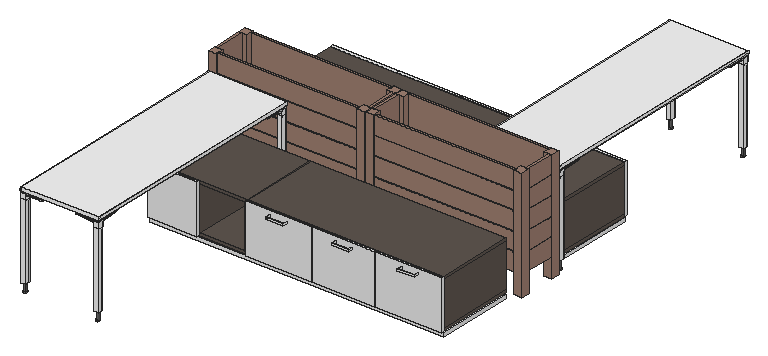
Revit family "T400094", category Furniture, Revit 2015 (continued)
Definition of nested family "OFS INTERMIX REESE LEGS"
  Automatic sketch dimensions
    Extrusion 15 sketch curve to Extrusion 15 sketch curve = 0.19049"
    Extrusion 15 sketch curve to Extrusion 15 sketch curve = 0.07121"
    Extrusion 15 sketch curve to Extrusion 15 sketch curve = 0.06081"
    Extrusion 15 sketch curve to Extrusion 15 sketch curve = 0.04949"
    Extrusion 15 sketch curve to Extrusion 15 sketch curve = 0.00448"
    Extrusion 15 sketch curve to Extrusion 15 sketch curve = 0.14413"
    Extrusion 15 sketch curve to Extrusion 15 sketch curve = 0.04423"
    Extrusion 15 sketch curve to Extrusion 15 sketch curve = 0.10445"
    Extrusion 15 sketch curve to Extrusion 15 sketch curve = 0.11023"
    Extrusion 15 sketch curve to Extrusion 15 sketch curve = 0.13183"
    Extrusion 15 sketch curve to Extrusion 15 sketch curve = 0.125"
    Extrusion 15 sketch curve to Extrusion 15 sketch curve = 0.06763"
    Extrusion 15 sketch curve to Extrusion 15 sketch curve = 0.10168"
    Extrusion 15 sketch curve to Extrusion 15 sketch curve = 0.06323"
    Extrusion 15 sketch curve to Extrusion 15 sketch curve = 0.12153"
    Extrusion 15 sketch curve to Extrusion 15 sketch curve = 0.23289"
    Extrusion 15 sketch curve to Extrusion 15 sketch curve = 0.3631"
    Extrusion 15 sketch curve to Extrusion 15 sketch curve = 0.04442"
    Extrusion 15 sketch curve to Extrusion 15 sketch curve = 0.0772"
    Extrusion 15 sketch curve to Extrusion 15 sketch curve = 0.03327"
    Extrusion 15 sketch curve to Extrusion 15 sketch curve = 0.097"
    Extrusion 15 sketch curve to Extrusion 15 sketch curve = 0.32695"
    Extrusion 15 sketch curve to Extrusion 15 sketch curve = 0.52144"
    Extrusion 15 sketch curve to Extrusion 15 sketch curve = 0.09429"
    Extrusion 15 sketch curve to Extrusion 15 sketch curve = 0.13471"
    Extrusion 15 sketch curve to Extrusion 15 sketch curve = 0.24922"
    Extrusion 15 sketch curve to Extrusion 15 sketch curve = 0.0562"
    Extrusion 15 sketch curve to Extrusion 15 sketch curve = 0.01182"
    Extrusion 15 sketch curve to Extrusion 15 sketch curve = 0.10986"
    Revolve 11 sketch curve to Revolve 11 sketch curve = 28.70365"  (x2)
    Revolve 11 sketch curve to Revolve 11 sketch curve = 0.08274"
    Revolve 11 sketch curve to Revolve 11 sketch curve = 1.111"
    Extrusion 12 sketch curve to Extrusion 12 sketch curve = 1.11815"
    Extrusion 12 sketch curve to Extrusion 12 sketch curve = 0.14957"
    Extrusion 14 sketch curve to Extrusion 14 sketch curve = 0.99191"
    Extrusion 14 sketch curve to Extrusion 14 sketch curve = 0.07328"
    Extrusion 14 sketch curve to Extrusion 14 sketch curve = 0.34539"
    Extrusion 14 sketch curve to Extrusion 14 sketch curve = 0.12665"
    Extrusion 15 sketch curve to Extrusion 15 sketch curve = 0.76764"
    Extrusion 15 sketch curve to Extrusion 15 sketch curve = 0.28574"
    Extrusion 15 sketch curve to Extrusion 15 sketch curve = 0.07328"
    Extrusion 15 sketch curve to Extrusion 15 sketch curve = 0.18838"
    Extrusion 15 sketch curve to Extrusion 15 sketch curve = 0.18354"
    Extrusion 1 sketch curve to plane 4 = 0.00"
    plane 1 "Back" to Extrusion 1 sketch curve = 0.00"
    Extrusion 1 sketch curve to plane 7 = 0.00"
    Extrusion 1 sketch curve to plane 6 = 0.00"
    plane 4 to Extrusion 1 sketch curve = 0.0625"  (x2)
    Extrusion 1 sketch curve to Extrusion 1 sketch curve = 0.95625"  (x2)
    plane 1 "Back" to Extrusion 1 sketch curve = 0.03661"
    Extrusion 1 sketch curve to Extrusion 1 sketch curve = 0.08839"
    plane 6 to Extrusion 1 sketch curve = 0.125"
    plane 6 to Extrusion 1 sketch curve = 0.0625"
    plane 6 to Extrusion 1 sketch curve = 0.03661"
    Blend 4 sketch curve to plane 4 = 0.00"  (x2)
    Blend 4 sketch curve to plane 10 = 0.00"  (x2)
    plane 4 to Blend 4 sketch curve = 0.03125"
    Blend 4 sketch curve to plane 10 = 0.0625"
    Blend 4 sketch curve to Blend 4 sketch curve = 0.95625"
    Blend 4 sketch curve to Blend 4 sketch curve = 0.03125"
    Blend 4 sketch curve to plane 9 = 0.00"
    plane 9 to Blend 4 sketch curve = 0.03167"
    plane 4 to Blend 4 sketch curve = 0.47813"
    plane 9 to Blend 4 sketch curve = 0.0625"  (x2)
    Blend 4 sketch curve to Blend 4 sketch curve = 0.99908"
    Blend 5 sketch curve to plane 7 = 0.00"  (x2)
    Blend 5 sketch curve to plane 10 = 0.00"  (x2)
    plane 7 to Blend 5 sketch curve = 0.03125"
    Blend 5 sketch curve to plane 10 = 0.0625"
    Blend 5 sketch curve to Blend 5 sketch curve = 0.95625"
    Blend 5 sketch curve to Blend 5 sketch curve = 0.03125"
    Blend 5 sketch curve to plane 9 = 0.00"
    plane 9 to Blend 5 sketch curve = 0.03167"
    plane 7 to Blend 5 sketch curve = 0.47813"
    Blend 5 sketch curve to Blend 5 sketch curve = 0.05437"
    plane 9 to Blend 5 sketch curve = 0.0625"
    Blend 5 sketch curve to Blend 5 sketch curve = 0.99908"
    Extrusion 6 sketch curve to plane 4 = 0.00"
    Extrusion 6 sketch curve to plane 7 = 0.00"
    plane 4 to Extrusion 6 sketch curve = 0.0625"
    Extrusion 6 sketch curve to Extrusion 6 sketch curve = 0.0625"
    Extrusion 6 sketch curve to Extrusion 6 sketch curve = 1.4375"  (x2)
    plane 7 to Extrusion 6 sketch curve = 0.0625"
    Extrusion 6 sketch curve to Extrusion 6 sketch curve = 0.00"
    Revolve 16 sketch curve to level = 0.00"
    Revolve 16 sketch curve to plane 12 = 0.00"  (x2)
    level to Revolve 16 sketch curve = 0.2225"
    plane 4 to Revolve 16 sketch curve = 0.3625"
    Revolve 16 sketch curve to Revolve 16 sketch curve = 0.09375"
    Revolve 16 sketch curve to Revolve 16 sketch curve = 0.325"
    Revolve 16 sketch curve to Revolve 16 sketch curve = 0.2225"
    Revolve 16 sketch curve to Revolve 16 sketch curve = 0.00"
    plane 12 to Revolve 16 sketch curve = 0.25"
    plane 4 to Extrusion 2 sketch curve = 0.0625"
    plane 7 to Extrusion 2 sketch curve = 0.0625"
    Extrusion 2 sketch curve to Extrusion 2 sketch curve = 0.0625"  (x3)
    plane 7 to Extrusion 2 sketch curve = 0.125"
    Extrusion 2 sketch curve to Extrusion 2 sketch curve = 1.3125"  (x2)
    radius of Extrusion 8 sketch curve = 0.25"
    radius of Extrusion 13 sketch curve = 0.25"
Definition of nested family "INTERMIX PLANTER BOX"
  Parameters (values of type "INTERMIX PLANTER BOX 120in Width")
    Width = 120.00"
    URL = "http://ofsbrands.com"
    Planter Box Material = none
    Model = "CC-W12034PB"
    Manufacturer = "FIRST OFFICE"
    M = 18.375"
    Height = 34.00"
    Description = "OFS BRANDS FIRST OFFICE INTERMIX PLANTER BOX 120\" Width"
    Depth = 14.00"
    Copyright © = "© OFS BRANDS 2018"
    Catalog = "http://firstoffice.com/products/tables/conference-tables/intermix"
    Authoring Version = "Autodesk Revit Architecture 2013"
    Assembly Code = "E2020200"
    3 = yes
    1 = no
  Types (4): name | Width | Model | M | Description | 3 | 1
    (no name) | 120.00" | "CC-W12034PB" | 18.375" | "OFS BRANDS FIRST OFFICE INTERMIX PLANTER BOX 120\" Width" | yes | no
    INTERMIX PLANTER BOX 120in Width | 120.00" | "CC-W12034PB" | 18.375" | "OFS BRANDS FIRST OFFICE INTERMIX PLANTER BOX 120\" Width" | yes | no
    INTERMIX PLANTER BOX 144in Width | 144.00" | "CC-W14434PB" | 22.375" | "OFS BRANDS FIRST OFFICE INTERMIX PLANTER BOX 144\" Width" | yes | no
    INTERMIX PLANTER BOX 48in Width | 48.00" | "CC-W4834PB" | 5.75" | "OFS BRANDS FIRST OFFICE INTERMIX PLANTER BOX 48\" Width" | no | yes
  Reference planes (in)
    plane 1 "Center Front/Back": y = 0
    plane 2: z = 0
    plane 3 "Center Left/Right": x = 0
    plane 4 "Left End": x = -60
    plane 5 "Front End": y = -7
    plane 6 "Right End": x = 60
    plane 7 "Back End": y = 7
    plane 8 "Height Top": z = 34
    plane 9: x = -57.5
    plane 10: y = 4.5
    plane 11: y = -4.5
    plane 12: x = 57.5
    plane 13: y = -6.75
    plane 14: y = -6
    plane 15: y = 6.75
    plane 16: y = 6
    plane 17: x = -59.75
    plane 18: x = -59
    plane 19: x = 59.75
    plane 20: x = 59
    plane 21: z = 6
    plane 22: x = -20.875
    plane 23: x = -18.375
    plane 24: x = 20.875
    plane 25: x = 18.375
  Forms (in)
    Extrusion 1, solid, material <- "Planter Box Material"
      sketch origin (0, 0, 0) x (1, 0, 0) y (0, 1, 0)
        loop
          line (-60, 7) -> (-60, 4.5) -> (-57.5, 4.5) -> (-57.5, 7) -> (-60, 7)
      from 0 to 34
    Extrusion 2, solid, material <- "Planter Box Material"
      sketch origin (0, 0, 0) x (1, 0, 0) y (0, 1, 0)
        loop
          line (-60, -7) -> (-57.5, -7) -> (-57.5, -4.5) -> (-60, -4.5) -> (-60, -7)
      from 0 to 34
    Extrusion 3, solid, material <- "Planter Box Material"
      sketch origin (0, 0, 0) x (-1, 0, 0) y (0, -1, 0)
        loop
          line (-60, 7) -> (-60, 4.5) -> (-57.5, 4.5) -> (-57.5, 7) -> (-60, 7)
      from 0 to 34
    Extrusion 4, solid, material <- "Planter Box Material"
      sketch origin (0, 0, 0) x (-1, 0, 0) y (0, -1, 0)
        loop
          line (-60, -7) -> (-57.5, -7) -> (-57.5, -4.5) -> (-60, -4.5) -> (-60, -7)
      from 0 to 34
    Extrusion 5, solid, material <- "Planter Box Material"
      sketch origin (0, 0, 0) x (1, 0, 0) y (0, 0, 1)
        loop
          line (-59, 34) -> (-59.75, 34) -> (-59.75, 28.6) -> (-59.5, 28.6) -> (-59.5, 28.35) -> (-59.75, 28.35) -> (-59.75, 22.95) -> (-59.5, 22.95) -> (-59.5, 22.7) -> (-59.75, 22.7) -> (-59.75, 17.3) -> (-59.5, 17.3) -> (-59.5, 17.05) -> (-59.75, 17.05) -> (-59.75, 11.65) -> (-59.5, 11.65) -> (-59.5, 11.4) -> (-59.75, 11.4) -> (-59.75, 6) -> (-59, 6) -> (-59, 34)
      from -4.5 to 4.5
    Extrusion 6, solid, material <- "Planter Box Material", visible <- "1"
      sketch origin (-17, 17, 0) x (0, 1, 0) y (0, 0, -1)
        loop
          line (-23, -34) -> (-23, -6) -> (-23.75, -6) -> (-23.75, -11.4) -> (-23.5, -11.4) -> (-23.5, -11.65) -> (-23.75, -11.65) -> (-23.75, -17.05) -> (-23.5, -17.05) -> (-23.5, -17.3) -> (-23.75, -17.3) -> (-23.75, -22.7) -> (-23.5, -22.7) -> (-23.5, -22.95) -> (-23.75, -22.95) -> (-23.75, -28.35) -> (-23.5, -28.35) -> (-23.5, -28.6) -> (-23.75, -28.6) -> (-23.75, -34) -> (-23, -34)
      from -74.5 to 40.5
    Extrusion 7, solid, material <- "Planter Box Material", visible <- "1"
      sketch origin (-17, -17, 0) x (0, -1, 0) y (0, 0, 1)
        loop
          line (-23, 34) -> (-23.75, 34) -> (-23.75, 28.6) -> (-23.5, 28.6) -> (-23.5, 28.35) -> (-23.75, 28.35) -> (-23.75, 22.95) -> (-23.5, 22.95) -> (-23.5, 22.7) -> (-23.75, 22.7) -> (-23.75, 17.3) -> (-23.5, 17.3) -> (-23.5, 17.05) -> (-23.75, 17.05) -> (-23.75, 11.65) -> (-23.5, 11.65) -> (-23.5, 11.4) -> (-23.75, 11.4) -> (-23.75, 6) -> (-23, 6) -> (-23, 34)
      from -74.5 to 40.5
    Extrusion 8, solid, material <- "Planter Box Material"
      sketch origin (0, 0, 0) x (-1, 0, 0) y (0, 0, -1)
        loop
          line (-59, -34) -> (-59, -6) -> (-59.75, -6) -> (-59.75, -11.4) -> (-59.5, -11.4) -> (-59.5, -11.65) -> (-59.75, -11.65) -> (-59.75, -17.05) -> (-59.5, -17.05) -> (-59.5, -17.3) -> (-59.75, -17.3) -> (-59.75, -22.7) -> (-59.5, -22.7) -> (-59.5, -22.95) -> (-59.75, -22.95) -> (-59.75, -28.35) -> (-59.5, -28.35) -> (-59.5, -28.6) -> (-59.75, -28.6) -> (-59.75, -34) -> (-59, -34)
      from -4.5 to 4.5
    Extrusion 9, solid, material <- "Planter Box Material"
      sketch origin (0, 0, 0) x (1, 0, 0) y (0, 1, 0)
        loop
          line (-59, 6) -> (-59, -6) -> (59, -6) -> (59, 6) -> (-59, 6)
      from 7.25 to 8
    Extrusion 10, solid, material <- "Planter Box Material"
      sketch origin (0, 0, 16) x (1, 0, 0) y (0, 1, 0)
        loop
          line (-59, 6) -> (-59, -6) -> (59, -6) -> (59, 6) -> (-59, 6)
      from 6.75 to 7.5
    Extrusion 11, solid, material <- "Planter Box Material", visible <- "3"
      sketch origin (-17, 17, 0) x (0, 1, 0) y (0, 0, -1)
        loop
          line (-23, -34) -> (-23, -6) -> (-23.75, -6) -> (-23.75, -11.4) -> (-23.5, -11.4) -> (-23.5, -11.65) -> (-23.75, -11.65) -> (-23.75, -17.05) -> (-23.5, -17.05) -> (-23.5, -17.3) -> (-23.75, -17.3) -> (-23.75, -22.7) -> (-23.5, -22.7) -> (-23.5, -22.95) -> (-23.75, -22.95) -> (-23.75, -28.35) -> (-23.5, -28.35) -> (-23.5, -28.6) -> (-23.75, -28.6) -> (-23.75, -34) -> (-23, -34)
      from -35.375 to 1.375
    Extrusion 12, solid, material <- "Planter Box Material", visible <- "3"
      sketch origin (-17, -17, 0) x (0, -1, 0) y (0, 0, 1)
        loop
          line (-23, 34) -> (-23.75, 34) -> (-23.75, 28.6) -> (-23.5, 28.6) -> (-23.5, 28.35) -> (-23.75, 28.35) -> (-23.75, 22.95) -> (-23.5, 22.95) -> (-23.5, 22.7) -> (-23.75, 22.7) -> (-23.75, 17.3) -> (-23.5, 17.3) -> (-23.5, 17.05) -> (-23.75, 17.05) -> (-23.75, 11.65) -> (-23.5, 11.65) -> (-23.5, 11.4) -> (-23.75, 11.4) -> (-23.75, 6) -> (-23, 6) -> (-23, 34)
      from -35.375 to 1.375
    Extrusion 13, solid, material <- "Planter Box Material", visible <- "3"
      sketch origin (63.75, 0, 0) x (1, 0, 0) y (0, 1, 0)
        loop
          line (-84.625, 7) -> (-84.625, 4.5) -> (-82.125, 4.5) -> (-82.125, 7) -> (-84.625, 7)
      from 0 to 34
    Extrusion 14, solid, material <- "Planter Box Material", visible <- "3"
      sketch origin (-63.75, 0, 0) x (-1, 0, 0) y (0, -1, 0)
        loop
          line (-84.625, -7) -> (-82.125, -7) -> (-82.125, -4.5) -> (-84.625, -4.5) -> (-84.625, -7)
      from 0 to 34
    Extrusion 15, solid, material <- "Planter Box Material", visible <- "3"
      sketch origin (-63.75, 0, 0) x (-1, 0, 0) y (0, -1, 0)
        loop
          line (-84.625, 7) -> (-84.625, 4.5) -> (-82.125, 4.5) -> (-82.125, 7) -> (-84.625, 7)
      from 0 to 34
    Extrusion 16, solid, material <- "Planter Box Material", visible <- "3"
      sketch origin (63.75, 0, 0) x (1, 0, 0) y (0, 1, 0)
        loop
          line (-84.625, -7) -> (-82.125, -7) -> (-82.125, -4.5) -> (-84.625, -4.5) -> (-84.625, -7)
      from 0 to 34
    Extrusion 17, solid, material <- "Planter Box Material", visible <- "3"
      sketch origin (-22.25, 17, 0) x (0, 1, 0) y (0, 0, 1)
        loop
          line (-23, 34) -> (-23.75, 34) -> (-23.75, 28.6) -> (-23.5, 28.6) -> (-23.5, 28.35) -> (-23.75, 28.35) -> (-23.75, 22.95) -> (-23.5, 22.95) -> (-23.5, 22.7) -> (-23.75, 22.7) -> (-23.75, 17.3) -> (-23.5, 17.3) -> (-23.5, 17.05) -> (-23.75, 17.05) -> (-23.75, 11.65) -> (-23.5, 11.65) -> (-23.5, 11.4) -> (-23.75, 11.4) -> (-23.75, 6) -> (-23, 6) -> (-23, 34)
      from -35.25 to 1.375
    Extrusion 18, solid, material <- "Planter Box Material", visible <- "3"
      sketch origin (-22.25, -17, 0) x (0, -1, 0) y (0, 0, -1)
        loop
          line (-23, -34) -> (-23, -6) -> (-23.75, -6) -> (-23.75, -11.4) -> (-23.5, -11.4) -> (-23.5, -11.65) -> (-23.75, -11.65) -> (-23.75, -17.05) -> (-23.5, -17.05) -> (-23.5, -17.3) -> (-23.75, -17.3) -> (-23.75, -22.7) -> (-23.5, -22.7) -> (-23.5, -22.95) -> (-23.75, -22.95) -> (-23.75, -28.35) -> (-23.5, -28.35) -> (-23.5, -28.6) -> (-23.75, -28.6) -> (-23.75, -34) -> (-23, -34)
      from -35.25 to 1.375
    Extrusion 19, solid, material <- "Planter Box Material", visible <- "3"
      sketch origin (22.25, 17, 0) x (0, 1, 0) y (0, 0, -1)
        loop
          line (-23, -34) -> (-23, -6) -> (-23.75, -6) -> (-23.75, -11.4) -> (-23.5, -11.4) -> (-23.5, -11.65) -> (-23.75, -11.65) -> (-23.75, -17.05) -> (-23.5, -17.05) -> (-23.5, -17.3) -> (-23.75, -17.3) -> (-23.75, -22.7) -> (-23.5, -22.7) -> (-23.5, -22.95) -> (-23.75, -22.95) -> (-23.75, -28.35) -> (-23.5, -28.35) -> (-23.5, -28.6) -> (-23.75, -28.6) -> (-23.75, -34) -> (-23, -34)
      from -35.25 to 1.375
    Extrusion 20, solid, material <- "Planter Box Material", visible <- "3"
      sketch origin (22.25, -17, 0) x (0, -1, 0) y (0, 0, 1)
        loop
          line (-23, 34) -> (-23.75, 34) -> (-23.75, 28.6) -> (-23.5, 28.6) -> (-23.5, 28.35) -> (-23.75, 28.35) -> (-23.75, 22.95) -> (-23.5, 22.95) -> (-23.5, 22.7) -> (-23.75, 22.7) -> (-23.75, 17.3) -> (-23.5, 17.3) -> (-23.5, 17.05) -> (-23.75, 17.05) -> (-23.75, 11.65) -> (-23.5, 11.65) -> (-23.5, 11.4) -> (-23.75, 11.4) -> (-23.75, 6) -> (-23, 6) -> (-23, 34)
      from -35.25 to 1.375
  Dimensions and locks (in)
    equal spacing: plane 5 "Front End", plane 1 "Center Front/Back", plane 7 "Back End"
    equal spacing: plane 4 "Left End", plane 3 "Center Left/Right", plane 6 "Right End"
    "Width": plane 4 "Left End" to plane 6 "Right End"
    "Depth": plane 5 "Front End" to plane 7 "Back End"
    "Height": plane 8 "Height Top" to level
    locked: plane 4 "Left End" to plane 9 at 2.5
    locked: plane 10 to plane 7 "Back End" at 2.5
    locked: plane 11 to plane 5 "Front End" at 2.5
    locked: plane 6 "Right End" to plane 12 at 2.5
    locked: plane 13 to plane 5 "Front End" at 0.25
    locked: plane 14 to plane 13 at 0.75
    locked: plane 16 to plane 15 at 0.75
    locked: plane 15 to plane 7 "Back End" at 0.25
    locked: plane 4 "Left End" to plane 17 at 0.25
    locked: plane 17 to plane 18 at 0.75
    locked: plane 6 "Right End" to plane 19 at 0.25
    locked: plane 19 to plane 20 at 0.75
    plane 21 to level = 6.00"
    locked: plane 22 to plane 23 at 2.5
    "M": plane 23 to plane 3 "Center Left/Right"
    locked: plane 24 to plane 25 at 2.5
    "M": plane 25 to plane 3 "Center Left/Right"
    aligned and locked: level to plane 2
    aligned and locked: plane 7 "Back End" to Extrusion 1 sketch curve
    aligned and locked: Extrusion 1 sketch curve to plane 9
    aligned and locked: plane 4 "Left End" to Extrusion 1 sketch curve
    aligned and locked: Extrusion 1 sketch curve to plane 10
    aligned and locked: plane 11 to Extrusion 2
    aligned and locked: plane 9 to Extrusion 2
    aligned and locked: Extrusion 2 to plane 4 "Left End"
    aligned and locked: Extrusion 2 to plane 5 "Front End"
    aligned and locked: Extrusion 3 to plane 6 "Right End"
    aligned and locked: Extrusion 4 to plane 6 "Right End"
    aligned and locked: plane 12 to Extrusion 4
    aligned and locked: plane 12 to Extrusion 3
    aligned and locked: Extrusion 3 to plane 5 "Front End"
    aligned and locked: plane 11 to Extrusion 3  (x2)
    aligned and locked: plane 10 to Extrusion 4
    aligned and locked: Extrusion 4 to plane 7 "Back End"
    aligned and locked: Extrusion 5 sketch curve to plane 18
    aligned and locked: Extrusion 5 sketch curve to plane 17
    aligned and locked: plane 21 to Extrusion 5 sketch curve
    aligned and locked: Extrusion 5 sketch curve to plane 8 "Height Top"
    aligned and locked: Extrusion 6 to plane 13
    aligned and locked: plane 14 to Extrusion 6
    aligned and locked: plane 8 "Height Top" to Extrusion 2
    aligned and locked: plane 8 "Height Top" to Extrusion 1
    aligned and locked: Extrusion 3 to plane 8 "Height Top"
    aligned and locked: Extrusion 4 to plane 8 "Height Top"
    aligned and locked: Extrusion 6 to plane 9
    aligned and locked: Extrusion 5 to plane 11
    aligned and locked: Extrusion 5 to plane 10
    aligned and locked: Extrusion 6 to plane 12
    aligned and locked: Extrusion 7 to plane 9
    aligned and locked: Extrusion 7 to plane 12
    aligned and locked: plane 14 to Extrusion 9 sketch curve
    aligned and locked: plane 16 to Extrusion 9 sketch curve
    aligned and locked: plane 20 to Extrusion 9 sketch curve
    aligned and locked: plane 18 to Extrusion 9 sketch curve
    aligned and locked: Extrusion 10 to plane 14
    aligned and locked: Extrusion 10 to plane 16
    aligned and locked: Extrusion 10 to plane 20
    aligned and locked: Extrusion 10 to plane 18
    aligned and locked: plane 10 to Extrusion 13
    aligned and locked: plane 10 to Extrusion 14
    aligned and locked: Extrusion 13 to plane 7 "Back End"
    aligned and locked: Extrusion 14 to plane 7 "Back End"
    aligned and locked: Extrusion 16 to plane 5 "Front End"
    aligned and locked: Extrusion 15 to plane 5 "Front End"
    aligned and locked: Extrusion 15 to plane 24
    aligned and locked: Extrusion 14 to plane 24
    aligned and locked: Extrusion 14 to plane 25
    aligned and locked: Extrusion 15 to plane 25
    aligned and locked: Extrusion 16 to plane 23
    aligned and locked: Extrusion 13 to plane 23
    aligned and locked: Extrusion 13 to plane 22
    aligned and locked: Extrusion 16 to plane 22
    aligned and locked: plane 23 to Extrusion 11
    aligned and locked: plane 25 to Extrusion 11
    aligned and locked: plane 25 to Extrusion 12
    aligned and locked: plane 23 to Extrusion 12
    aligned and locked: Extrusion 17 to plane 9
    aligned and locked: Extrusion 18 to plane 9
    aligned and locked: plane 22 to Extrusion 18
    aligned and locked: plane 22 to Extrusion 17
    aligned and locked: plane 24 to Extrusion 19
    aligned and locked: plane 24 to Extrusion 20
    aligned and locked: Extrusion 20 to plane 12
    aligned and locked: Extrusion 19 to plane 12
  Automatic sketch dimensions
    Extrusion 2 sketch curve to plane 4 "Left End" = 0.00"
    Extrusion 2 sketch curve to plane 9 = 0.00"
    Extrusion 2 sketch curve to plane 11 = 0.00"
    Extrusion 2 sketch curve to plane 5 "Front End" = 0.00"
    Extrusion 3 sketch curve to plane 6 "Right End" = 0.00"
    Extrusion 3 sketch curve to plane 11 = 0.00"
    Extrusion 3 sketch curve to plane 12 = 0.00"
    Extrusion 3 sketch curve to plane 5 "Front End" = 0.00"
    Extrusion 4 sketch curve to plane 6 "Right End" = 0.00"
    plane 10 to Extrusion 4 sketch curve = 0.00"
    Extrusion 4 sketch curve to plane 12 = 0.00"
    plane 7 "Back End" to Extrusion 4 sketch curve = 0.00"
    Extrusion 5 sketch curve to plane 17 = 0.00"  (x4)
    plane 17 to Extrusion 5 sketch curve = 0.25"  (x4)
    Extrusion 5 sketch curve to plane 21 = 5.40"
    Extrusion 5 sketch curve to Extrusion 5 sketch curve = 0.25"  (x4)
    Extrusion 5 sketch curve to Extrusion 5 sketch curve = 5.40"  (x3)
    Extrusion 6 sketch curve to plane 13 = 0.00"  (x5)
    Extrusion 6 sketch curve to plane 8 "Height Top" = 0.00"
    Extrusion 6 sketch curve to plane 14 = 0.00"
    plane 21 to Extrusion 6 sketch curve = 0.00"
    plane 13 to Extrusion 6 sketch curve = 0.25"  (x4)
    Extrusion 6 sketch curve to plane 8 "Height Top" = 5.40"
    Extrusion 6 sketch curve to Extrusion 6 sketch curve = 0.25"  (x4)
    Extrusion 6 sketch curve to Extrusion 6 sketch curve = 5.40"  (x3)
    Extrusion 7 sketch curve to plane 15 = 0.00"  (x5)
    Extrusion 7 sketch curve to plane 8 "Height Top" = 0.00"
    Extrusion 7 sketch curve to plane 16 = 0.00"
    plane 21 to Extrusion 7 sketch curve = 0.00"
    plane 15 to Extrusion 7 sketch curve = 0.25"  (x4)
    Extrusion 7 sketch curve to plane 21 = 5.40"
    Extrusion 7 sketch curve to Extrusion 7 sketch curve = 0.25"  (x4)
    Extrusion 7 sketch curve to Extrusion 7 sketch curve = 5.40"  (x3)
    plane 19 to Extrusion 8 sketch curve = 0.00"  (x5)
    Extrusion 8 sketch curve to plane 8 "Height Top" = 0.00"
    plane 20 to Extrusion 8 sketch curve = 0.00"
    Extrusion 8 sketch curve to plane 21 = 0.00"
    Extrusion 8 sketch curve to plane 19 = 0.25"  (x4)
    plane 21 to Extrusion 8 sketch curve = 5.40"
    Extrusion 8 sketch curve to Extrusion 8 sketch curve = 0.25"  (x4)
    Extrusion 8 sketch curve to Extrusion 8 sketch curve = 5.40"  (x3)
    Extrusion 10 sketch curve to plane 14 = 0.00"
    Extrusion 10 sketch curve to plane 18 = 0.00"
    Extrusion 10 sketch curve to plane 20 = 0.00"
    plane 16 to Extrusion 10 sketch curve = 0.00"
    Extrusion 11 sketch curve to plane 13 = 0.00"  (x5)
    Extrusion 11 sketch curve to plane 8 "Height Top" = 0.00"
    Extrusion 11 sketch curve to plane 14 = 0.00"
    plane 21 to Extrusion 11 sketch curve = 0.00"
    plane 13 to Extrusion 11 sketch curve = 0.25"  (x4)
    Extrusion 11 sketch curve to plane 8 "Height Top" = 5.40"
    Extrusion 11 sketch curve to Extrusion 11 sketch curve = 0.25"  (x4)
    Extrusion 11 sketch curve to Extrusion 11 sketch curve = 5.40"  (x3)
    Extrusion 12 sketch curve to plane 15 = 0.00"  (x5)
    Extrusion 12 sketch curve to plane 8 "Height Top" = 0.00"
    Extrusion 12 sketch curve to plane 16 = 0.00"
    plane 21 to Extrusion 12 sketch curve = 0.00"
    plane 15 to Extrusion 12 sketch curve = 0.25"  (x4)
    Extrusion 12 sketch curve to plane 21 = 5.40"
    Extrusion 12 sketch curve to Extrusion 12 sketch curve = 0.25"  (x4)
    Extrusion 12 sketch curve to Extrusion 12 sketch curve = 5.40"  (x3)
    plane 10 to Extrusion 13 sketch curve = 0.00"
    Extrusion 13 sketch curve to plane 22 = 0.00"
    Extrusion 13 sketch curve to plane 23 = 0.00"
    plane 7 "Back End" to Extrusion 13 sketch curve = 0.00"
    plane 10 to Extrusion 14 sketch curve = 0.00"
    Extrusion 14 sketch curve to plane 24 = 0.00"
    Extrusion 14 sketch curve to plane 25 = 0.00"
    plane 7 "Back End" to Extrusion 14 sketch curve = 0.00"
    Extrusion 15 sketch curve to plane 11 = 0.00"
    Extrusion 15 sketch curve to plane 24 = 0.00"
    Extrusion 15 sketch curve to plane 25 = 0.00"
    Extrusion 15 sketch curve to plane 5 "Front End" = 0.00"
    Extrusion 16 sketch curve to plane 11 = 0.00"
    Extrusion 16 sketch curve to plane 22 = 0.00"
    Extrusion 16 sketch curve to plane 23 = 0.00"
    Extrusion 16 sketch curve to plane 5 "Front End" = 0.00"
    Extrusion 17 sketch curve to plane 13 = 0.00"  (x5)
    Extrusion 17 sketch curve to plane 8 "Height Top" = 0.00"
    Extrusion 17 sketch curve to plane 14 = 0.00"
    plane 21 to Extrusion 17 sketch curve = 0.00"
    plane 13 to Extrusion 17 sketch curve = 0.25"  (x4)
    Extrusion 17 sketch curve to plane 21 = 5.40"
    Extrusion 17 sketch curve to Extrusion 17 sketch curve = 0.25"  (x4)
    Extrusion 17 sketch curve to Extrusion 17 sketch curve = 5.40"  (x3)
    Extrusion 18 sketch curve to plane 15 = 0.00"  (x5)
    Extrusion 18 sketch curve to plane 8 "Height Top" = 0.00"
    Extrusion 18 sketch curve to plane 16 = 0.00"
    plane 21 to Extrusion 18 sketch curve = 0.00"
    plane 15 to Extrusion 18 sketch curve = 0.25"  (x4)
    Extrusion 18 sketch curve to plane 8 "Height Top" = 5.40"
    Extrusion 18 sketch curve to Extrusion 18 sketch curve = 0.25"  (x4)
    Extrusion 18 sketch curve to Extrusion 18 sketch curve = 5.40"  (x3)
    Extrusion 19 sketch curve to plane 13 = 0.00"  (x5)
    Extrusion 19 sketch curve to plane 8 "Height Top" = 0.00"
    Extrusion 19 sketch curve to plane 14 = 0.00"
    plane 21 to Extrusion 19 sketch curve = 0.00"
    plane 13 to Extrusion 19 sketch curve = 0.25"  (x4)
    Extrusion 19 sketch curve to plane 8 "Height Top" = 5.40"
    Extrusion 19 sketch curve to Extrusion 19 sketch curve = 0.25"  (x4)
    Extrusion 19 sketch curve to Extrusion 19 sketch curve = 5.40"  (x3)
    Extrusion 20 sketch curve to plane 15 = 0.00"  (x5)
    Extrusion 20 sketch curve to plane 8 "Height Top" = 0.00"
    Extrusion 20 sketch curve to plane 16 = 0.00"
    plane 21 to Extrusion 20 sketch curve = 0.00"
    plane 15 to Extrusion 20 sketch curve = 0.25"  (x4)
    Extrusion 20 sketch curve to plane 21 = 5.40"
    Extrusion 20 sketch curve to Extrusion 20 sketch curve = 0.25"  (x4)
    Extrusion 20 sketch curve to Extrusion 20 sketch curve = 5.40"  (x3)
Definition of nested family "OFS INTERMIX TFL Floor Storage w Sliding Doors 30-36W 15H"
  Parameters (values of type "TFL Floor Storage w Sliding Door 36")
    Keynote = ""
    Height From Floor = 2.25"
    URL = "https://ofs.com/"
    Copyright © = "©OFS 2021"
    Chassis Material = none
    Model = "CC-M3615FS3-25"
    Manufacturer = "OFS"
    Description = "OFS INTEMIX TFL Floor Storage w Sliding Door 36"
    Door Material = none
    Width = 36.00"
    Height = 15.00"
    Catalog = "https://ofs.com/products/casegoods/lockers/intermix-storage"
    Authoring Version = "Autodesk Revit Architecture 2015"
    Assembly Code = "E2020200"
  Types (2): name | Model | Description | Width
    TFL Floor Storage w Sliding Door 30 | "CC-M3015FS3-25" | "OFS INTEMIX TFL Floor Storage w Sliding Door 30" | 30.00"
    TFL Floor Storage w Sliding Door 36 | "CC-M3615FS3-25" | "OFS INTEMIX TFL Floor Storage w Sliding Door 36" | 36.00"
  Reference planes (in)
    plane 1 "BACK": y = 0
    plane 2: z = 0
    plane 3 "Center Left/Right": x = 0
    plane 4 "LEFT": x = -18
    plane 5 "RIGHT": x = 18
    plane 6: z = 2.25
    plane 7: z = 17.25
    plane 8: y = -0.5
    plane 9: z = 3
    plane 10: z = 16.5
    plane 11: x = -17.25
    plane 12: x = 17.25
    plane 13: y = -24.75
    plane 14: x = -5.75
    plane 15: x = 5.75
    plane 16: x = -5.375
    plane 17: x = -6.125
    plane 18: x = 5.375
    plane 19: x = 6.125
    plane 20: y = -24
    plane 21: x = 0.375
    plane 22: x = -0.375
  Forms (in)
    Extrusion 1, solid, material <- "Chassis Material"
      sketch origin (0, 0, 8.955) x (1, 0, 0) y (0, 0, 1)
        loop
          line (-18, -5.955) -> (-18, -6.705) -> (18, -6.705) -> (18, -5.955) -> (-18, -5.955)
      from 0 to 24
    Extrusion 2, solid, material <- "Chassis Material"
      sketch origin (0, 0, 15.08) x (1, 0, 0) y (0, 0, 1)
        loop
          line (-18, 2.17) -> (-18, 1.42) -> (18, 1.42) -> (18, 2.17) -> (-18, 2.17)
      from 0 to 24
    Extrusion 3, solid, material <- "Chassis Material"
      sketch origin (-18, 0, 20.705) x (0, 1, 0) y (0, 0, 1)
        loop
          line (0, -4.205) -> (-24, -4.205) -> (-24, -17.705) -> (0, -17.705) -> (0, -4.205)
      from 0 to 0.75
    Extrusion 4, solid, material <- "Chassis Material"
      sketch origin (24, 0, 20.705) x (0, 1, 0) y (0, 0, -1)
        loop
          line (0, 4.205) -> (0, 17.705) -> (-24, 17.705) -> (-24, 4.205) -> (0, 4.205)
      from 6 to 6.75
    Extrusion 5, solid, material <- "Chassis Material"
      sketch origin (0, 0, 20.705) x (1, 0, 0) y (0, 0, 1)
        loop
          line (-17.25, -4.205) -> (-17.25, -17.705) -> (17.25, -17.705) -> (17.25, -4.205) -> (-17.25, -4.205)
      from 0 to 0.5
    Extrusion 6, solid, material <- "Door Material"
      sketch origin (0, 0, 0) x (1, 0, 0) y (0, 1, 0)
        loop
          line (18, -24) -> (0, -24) -> (0, -24.75) -> (18, -24.75) -> (18, -24)
      from 2.25 to 17.25
    Extrusion 7, solid, material <- "Chassis Material"
      sketch origin (-4.75, 0, 20.705) x (0, 1, 0) y (0, 0, 1)
        loop
          line (-0.5, -4.205) -> (-24, -4.205) -> (-24, -17.705) -> (-0.5, -17.705) -> (-0.5, -4.205)
      from 4.375 to 5.125
  Dimensions and locks (in)
    "Width": plane 4 "LEFT" to plane 5 "RIGHT"
    "Height From Floor": plane 6 to plane 2
    "Height": plane 7 to plane 6
    locked: plane 7 to plane 10 at 0.75
    locked: plane 9 to plane 6 at 0.75
    locked: plane 4 "LEFT" to plane 11 at 0.75
    locked: plane 12 to plane 5 "RIGHT" at 0.75
    locked: plane 8 to plane 1 "BACK" at 0.5
    plane 13 to plane 1 "BACK" = 24.75"
    equal spacing: plane 4 "LEFT", plane 3 "Center Left/Right", plane 5 "RIGHT"
    equal spacing: plane 11, plane 14, plane 15, plane 12
    plane 17 to plane 14 to plane 16 = 0.375" locked, 0.375" locked
    plane 19 to plane 15 to plane 18 = 0.375" locked, 0.375" locked
    locked: plane 13 to plane 20 at 0.75
    plane 22 to plane 21 = 0.75"
    plane 22 to plane 3 "Center Left/Right" to plane 21 = 0.375" locked, 0.375" locked
    aligned and locked: Extrusion 1 sketch curve to plane 4 "LEFT"
    aligned and locked: Extrusion 1 sketch curve to plane 6
    aligned and locked: plane 5 "RIGHT" to Extrusion 1 sketch curve
    aligned and locked: Extrusion 1 to plane 1 "BACK"
    aligned and locked: plane 7 to Extrusion 2 sketch curve
    aligned: Extrusion 5 to plane 8
    aligned and locked: Extrusion 3 to plane 11
    aligned and locked: Extrusion 5 to plane 11
    aligned and locked: Extrusion 5 to plane 12
    aligned and locked: plane 5 "RIGHT" to Extrusion 4
    aligned and locked: plane 12 to Extrusion 4
    aligned and locked: Extrusion 3 to plane 10
    aligned and locked: Extrusion 4 to plane 10
    aligned and locked: Extrusion 2 to plane 10
    aligned and locked: plane 10 to Extrusion 5
    aligned and locked: Extrusion 1 to plane 9
    aligned and locked: Extrusion 3 to plane 9
    aligned and locked: Extrusion 4 to plane 9
    aligned and locked: Extrusion 5 to plane 9
    aligned and locked: Extrusion 5 to plane 1 "BACK"
    aligned and locked: plane 8 to Extrusion 5
    aligned and locked: plane 20 to Extrusion 2
    aligned and locked: plane 20 to Extrusion 3
    aligned and locked: plane 20 to Extrusion 4
    aligned and locked: plane 20 to Extrusion 1
    aligned and locked: Extrusion 6 sketch curve to plane 20
    aligned and locked: plane 13 to Extrusion 6 sketch curve
    aligned and locked: Extrusion 6 sketch curve to plane 5 "RIGHT"
    aligned and locked: plane 21 to Extrusion 7
    aligned and locked: Extrusion 7 to plane 22
    aligned and locked: Extrusion 6 to plane 3 "Center Left/Right"
    aligned and locked: plane 7 to Extrusion 6
  Automatic sketch dimensions
    Extrusion 1 sketch curve to plane 9 = 0.00"
    Extrusion 2 sketch curve to plane 4 "LEFT" = 0.00"
    Extrusion 2 sketch curve to plane 5 "RIGHT" = 0.00"
    Extrusion 2 sketch curve to plane 10 = 0.00"
    Extrusion 3 sketch curve to plane 10 = 0.00"
    Extrusion 3 sketch curve to plane 20 = 0.00"
    Extrusion 3 sketch curve to plane 1 "BACK" = 0.00"
    Extrusion 3 sketch curve to plane 9 = 0.00"
    plane 10 to Extrusion 4 sketch curve = 0.00"
    Extrusion 4 sketch curve to plane 20 = 0.00"
    Extrusion 4 sketch curve to plane 1 "BACK" = 0.00"
    plane 9 to Extrusion 4 sketch curve = 0.00"
    Extrusion 5 sketch curve to plane 9 = 0.00"
    Extrusion 5 sketch curve to plane 11 = 0.00"
    Extrusion 5 sketch curve to plane 10 = 0.00"
    plane 12 to Extrusion 5 sketch curve = 0.00"
    Extrusion 7 sketch curve to plane 10 = 0.00"
    Extrusion 7 sketch curve to plane 20 = 0.00"
    Extrusion 7 sketch curve to plane 8 = 0.00"
    Extrusion 7 sketch curve to plane 9 = 0.00"
    plane 15 to Extrusion 6 sketch curve = 5.75"
Definition of nested family "OFS INTERMIX Veneer Floor Storage with 3 Storage Drawers 60"
  Parameters (values of type "Floor Storage 3 Storage Drawers 60")
    Keynote = ""
    Height From Floor = 2.25"
    URL = "https://ofs.com/"
    Door Pull Material = none
    Copyright © = "©OFS 2021"
    Chassis Material = none
    Model = "CC-M6015FS5-25"
    Manufacturer = "OFS"
    Description = "OFS INTEMIX TFL Veneer Floor Storage with 3 Storage Drawers 60\" Width"
    Door Material = none
    Width = 60.00"
    Height = 15.00"
    Catalog = "https://ofs.com/products/casegoods/lockers/intermix-storage"
    Authoring Version = "Autodesk Revit Architecture 2015"
    Assembly Code = "E2020200"
  Reference planes (in)
    plane 1 "BACK": y = 0
    plane 2: z = 0
    plane 3 "Center Left/Right": x = 0
    plane 4 "LEFT": x = -30
    plane 5 "RIGHT": x = 30
    plane 6: z = 2.25
    plane 7: z = 17.25
    plane 8: y = -0.5
    plane 9: z = 3
    plane 10: z = 16.5
    plane 11: x = -29.25
    plane 12: x = 29.25
    plane 13: y = -24.75
    plane 14: x = -9.75
    plane 15: x = 9.75
    plane 16: x = -9.375
    plane 17: x = -10.125
    plane 18: x = 9.375
    plane 19: x = 10.125
    plane 20: y = -24
    plane 21: x = -9.625
    plane 22: x = 9.625
  Forms (in)
    Extrusion 1, solid, material <- "Chassis Material"
      sketch origin (0, 0, 8.955) x (1, 0, 0) y (0, 0, 1)
        loop
          line (-30, -5.955) -> (-30, -6.705) -> (30, -6.705) -> (30, -5.955) -> (-30, -5.955)
      from 0 to 24
    Extrusion 2, solid, material <- "Chassis Material"
      sketch origin (0, 0, 15.08) x (1, 0, 0) y (0, 0, 1)
        loop
          line (-30, 2.17) -> (-30, 1.42) -> (30, 1.42) -> (30, 2.17) -> (-30, 2.17)
      from 0 to 24
    Extrusion 3, solid, material <- "Chassis Material"
      sketch origin (-30, 0, 20.705) x (0, 1, 0) y (0, 0, 1)
        loop
          line (0, -4.205) -> (-24, -4.205) -> (-24, -17.705) -> (0, -17.705) -> (0, -4.205)
      from 0 to 0.75
    Extrusion 4, solid, material <- "Chassis Material"
      sketch origin (24, 0, 20.705) x (0, 1, 0) y (0, 0, -1)
        loop
          line (0, 4.205) -> (0, 17.705) -> (-24, 17.705) -> (-24, 4.205) -> (0, 4.205)
      from -6 to -5.25
    Extrusion 5, solid, material <- "Chassis Material"
      sketch origin (0, 0, 20.705) x (1, 0, 0) y (0, 0, 1)
        loop
          line (-29.25, -4.205) -> (-29.25, -17.705) -> (29.25, -17.705) -> (29.25, -4.205) -> (-29.25, -4.205)
      from 0 to 0.5
    Extrusion 6, solid, material <- "Chassis Material"
      sketch origin (9.5, 0, 20.705) x (0, 1, 0) y (0, 0, -1)
        loop
          line (-0.5, 4.205) -> (-0.5, 17.705) -> (-24, 17.705) -> (-24, 4.205) -> (-0.5, 4.205)
      from -0.625 to 0.125
    Extrusion 7, solid, material <- "Chassis Material"
      sketch origin (-9.5, 0, 20.705) x (0, 1, 0) y (0, 0, 1)
        loop
          line (-0.5, -4.205) -> (-24, -4.205) -> (-24, -17.705) -> (-0.5, -17.705) -> (-0.5, -4.205)
      from -0.625 to 0.125
    Extrusion 8, solid, material <- "Door Material"
      sketch origin (0, 0, 0) x (1, 0, 0) y (0, 1, 0)
        loop
          line (-30, -24) -> (-30, -24.75) -> (-9.75, -24.75) -> (-9.75, -24) -> (-30, -24)
        loop
          line (30, -24) -> (9.75, -24) -> (9.75, -24.75) -> (30, -24.75) -> (30, -24)
        loop
          line (-9.625, -24) -> (-9.625, -24.75) -> (9.625, -24.75) -> (9.625, -24) -> (-9.625, -24)
      from 2.25 to 17.25
    Extrusion 9, solid, material <- "Door Pull Material"
      sketch origin (0, 0, 0) x (1, 0, 0) y (0, 1, 0)
        loop
          line (-22.7795, -26) -> (-17.467, -26) -> (-17.467, -24.75) -> (-17.717, -24.75) -> (-17.717, -25.75) -> (-22.5295, -25.75) -> (-22.5295, -24.75) -> (-22.7795, -24.75) -> (-22.7795, -26)
        loop
          line (-2.65625, -26) -> (2.65625, -26) -> (2.65625, -24.75) -> (2.40625, -24.75) -> (2.40625, -25.75) -> (-2.40625, -25.75) -> (-2.40625, -24.75) -> (-2.65625, -24.75) -> (-2.65625, -26)
        loop
          line (22.77949, -26) -> (22.77949, -24.75) -> (22.52949, -24.75) -> (22.52949, -25.75) -> (17.717, -25.75) -> (17.717, -24.75) -> (17.467, -24.75) -> (17.467, -26) -> (22.77949, -26)
      from 15.4375 to 15.9375
  Lines and regions (in)
    symbolic lines
      curve 1: line (-30, 0, 0) -> (30, 0, 0)
      curve 2: line (-30, -24.75, 0) -> (-30, 0, 0)
      curve 3: line (30, -24.75, 0) -> (-30, -24.75, 0)
      curve 4: line (30, 0, 0) -> (30, -24.75, 0)
  Dimensions and locks (in)
    "Width": plane 4 "LEFT" to plane 5 "RIGHT"
    "Height From Floor": plane 6 to plane 2
    "Height": plane 7 to plane 6
    locked: plane 7 to plane 10 at 0.75
    locked: plane 9 to plane 6 at 0.75
    locked: plane 4 "LEFT" to plane 11 at 0.75
    locked: plane 12 to plane 5 "RIGHT" at 0.75
    locked: plane 8 to plane 1 "BACK" at 0.5
    plane 13 to plane 1 "BACK" = 24.75"
    equal spacing: plane 4 "LEFT", plane 3 "Center Left/Right", plane 5 "RIGHT"
    equal spacing: plane 11, plane 14, plane 15, plane 12
    plane 17 to plane 14 to plane 16 = 0.375" locked, 0.375" locked
    plane 19 to plane 15 to plane 18 = 0.375" locked, 0.375" locked
    locked: plane 13 to plane 20 at 0.75
    locked: plane 14 to plane 21 at 0.125
    locked: plane 15 to plane 22 at 0.125
    aligned and locked: Extrusion 1 sketch curve to plane 4 "LEFT"
    aligned and locked: Extrusion 1 sketch curve to plane 6
    aligned and locked: plane 5 "RIGHT" to Extrusion 1 sketch curve
    aligned and locked: Extrusion 1 to plane 1 "BACK"
    aligned and locked: plane 7 to Extrusion 2 sketch curve
    aligned: Extrusion 5 to plane 8
    aligned and locked: Extrusion 3 to plane 11
    aligned and locked: Extrusion 5 to plane 11
    aligned and locked: Extrusion 5 to plane 12
    aligned and locked: plane 5 "RIGHT" to Extrusion 4
    aligned and locked: plane 12 to Extrusion 4
    aligned and locked: Extrusion 3 to plane 10
    aligned and locked: Extrusion 4 to plane 10
    aligned and locked: Extrusion 2 to plane 10
    aligned and locked: plane 10 to Extrusion 5
    aligned and locked: Extrusion 1 to plane 9
    aligned and locked: Extrusion 3 to plane 9
    aligned and locked: Extrusion 4 to plane 9
    aligned and locked: Extrusion 5 to plane 9
    aligned and locked: Extrusion 5 to plane 1 "BACK"
    aligned and locked: plane 8 to Extrusion 5
    aligned and locked: plane 18 to Extrusion 6
    aligned and locked: Extrusion 6 to plane 19
    aligned and locked: Extrusion 6 to plane 8
    aligned and locked: plane 20 to Extrusion 2
    aligned and locked: plane 20 to Extrusion 3
    aligned and locked: plane 20 to Extrusion 4
    aligned and locked: plane 20 to Extrusion 1
    aligned and locked: plane 20 to Extrusion 6
    aligned and locked: plane 16 to Extrusion 7
    aligned and locked: Extrusion 7 to plane 17
    aligned and locked: plane 20 to Extrusion 7
    aligned and locked: Extrusion 7 to plane 8
    aligned and locked: plane 20 to Extrusion 8 sketch curve
    aligned and locked: Extrusion 8 sketch curve to plane 13
    aligned and locked: Extrusion 8 sketch curve to plane 4 "LEFT"
    aligned and locked: Extrusion 8 sketch curve to plane 14
    aligned and locked: Extrusion 8 sketch curve to plane 20
    aligned and locked: plane 13 to Extrusion 8 sketch curve
    aligned and locked: Extrusion 8 sketch curve to plane 5 "RIGHT"
    aligned and locked: Extrusion 8 to plane 7
    aligned and locked: plane 6 to Extrusion 8
    aligned and locked: Extrusion 8 to plane 21
    aligned and locked: Extrusion 8 to plane 22
    aligned and locked: plane 15 to Extrusion 8
  Automatic sketch dimensions
    Extrusion 1 sketch curve to plane 9 = 0.00"
    Extrusion 2 sketch curve to plane 4 "LEFT" = 0.00"
    Extrusion 2 sketch curve to plane 5 "RIGHT" = 0.00"
    Extrusion 2 sketch curve to plane 10 = 0.00"
    Extrusion 3 sketch curve to plane 10 = 0.00"
    Extrusion 3 sketch curve to plane 20 = 0.00"
    Extrusion 3 sketch curve to plane 1 "BACK" = 0.00"
    Extrusion 3 sketch curve to plane 9 = 0.00"
    plane 10 to Extrusion 4 sketch curve = 0.00"
    Extrusion 4 sketch curve to plane 20 = 0.00"
    Extrusion 4 sketch curve to plane 1 "BACK" = 0.00"
    plane 9 to Extrusion 4 sketch curve = 0.00"
    Extrusion 5 sketch curve to plane 9 = 0.00"
    Extrusion 5 sketch curve to plane 11 = 0.00"
    Extrusion 5 sketch curve to plane 10 = 0.00"
    plane 12 to Extrusion 5 sketch curve = 0.00"
    plane 10 to Extrusion 6 sketch curve = 0.00"
    Extrusion 6 sketch curve to plane 20 = 0.00"
    Extrusion 6 sketch curve to plane 8 = 0.00"
    plane 9 to Extrusion 6 sketch curve = 0.00"
    Extrusion 7 sketch curve to plane 10 = 0.00"
    Extrusion 7 sketch curve to plane 20 = 0.00"
    Extrusion 7 sketch curve to plane 8 = 0.00"
    Extrusion 7 sketch curve to plane 9 = 0.00"
    plane 20 to Extrusion 8 sketch curve = 0.00"
    Extrusion 8 sketch curve to plane 21 = 0.00"
    plane 13 to Extrusion 8 sketch curve = 0.00"
    Extrusion 8 sketch curve to plane 22 = 0.00"
    Extrusion 8 sketch curve to plane 15 = 0.00"
    plane 13 to Extrusion 9 sketch curve = 0.00"  (x6)
    plane 11 to Extrusion 9 sketch curve = 6.4705"
    Extrusion 9 sketch curve to Extrusion 9 sketch curve = 0.00"  (x6)
    Extrusion 9 sketch curve to Extrusion 9 sketch curve = 0.25"  (x13)
    plane 13 to Extrusion 9 sketch curve = 1.00"  (x3)
    Extrusion 9 sketch curve to Extrusion 9 sketch curve = 4.8125"  (x2)
    Extrusion 9 sketch curve to plane 3 "Center Left/Right" = 2.65625"
    plane 13 to Extrusion 9 sketch curve = 1.25"  (x2)
    plane 3 "Center Left/Right" to Extrusion 9 sketch curve = 2.40625"
    Extrusion 9 sketch curve to plane 19 = 7.342"
    curve 3 to plane 4 "LEFT" = 0.00"
    curve 3 to plane 5 "RIGHT" = 0.00"
    plane 13 to curve 3 = 0.00"
    plane 1 "BACK" to curve 2 = 0.00"
